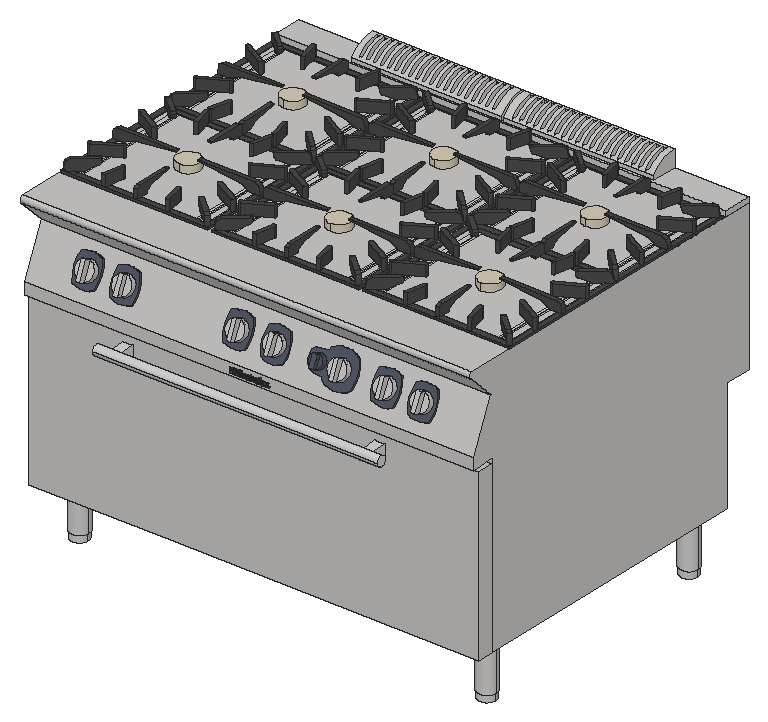
Revit family "QF_ELECTROLUXPROFESSIONAL_391015_E9GCGL6CL0", category Specialty Equipment, Revit 2018 (continued)
Automatic sketch dimensions
  Extrusion 7 sketch curve to Extrusion 7 sketch curve = 0.404 mm
  Extrusion 7 sketch curve to Extrusion 7 sketch curve = 5.898 mm
  plane 11 to Extrusion 7 sketch curve = 8.549 mm
  Extrusion 7 sketch curve to plane 11 = 30 mm
  Extrusion 7 sketch curve to plane 10 = 298.908 mm
  Extrusion 7 sketch curve to Extrusion 7 sketch curve = 3.343 mm
  Extrusion 7 sketch curve to Extrusion 7 sketch curve = 2.066 mm
  Extrusion 7 sketch curve to Extrusion 7 sketch curve = 5.312 mm
  Extrusion 7 sketch curve to Extrusion 7 sketch curve = 28.009 mm
  plane 11 to Extrusion 8 sketch curve = 22.852 mm
  Extrusion 8 sketch curve to Extrusion 8 sketch curve = 0 mm  (x2)
  Extrusion 8 sketch curve to Extrusion 8 sketch curve = 1.139 mm
  Extrusion 8 sketch curve to Extrusion 8 sketch curve = 3.102 mm
  Extrusion 8 sketch curve to Extrusion 8 sketch curve = 4.032 mm
  Extrusion 8 sketch curve to Extrusion 8 sketch curve = 0.404 mm
  Extrusion 8 sketch curve to Extrusion 8 sketch curve = 5.898 mm
  plane 11 to Extrusion 8 sketch curve = 8.549 mm
  Extrusion 8 sketch curve to plane 11 = 30 mm
  Extrusion 8 sketch curve to plane 10 = 270.899 mm
  Extrusion 8 sketch curve to Extrusion 8 sketch curve = 2.705 mm
  Extrusion 8 sketch curve to Extrusion 8 sketch curve = 5.987 mm
  Extrusion 8 sketch curve to Extrusion 8 sketch curve = 5.312 mm
  Extrusion 8 sketch curve to Extrusion 8 sketch curve = 28.009 mm
  plane 11 to Extrusion 9 sketch curve = 19.749 mm
  Extrusion 9 sketch curve to plane 10 = 279.591 mm
  Extrusion 10 sketch curve to plane 18 = 228.904 mm
  Extrusion 10 sketch curve to Extrusion 10 sketch curve = 0 mm
  Extrusion 10 sketch curve to Extrusion 10 sketch curve = 12.3 mm  (x3)
  Extrusion 10 sketch curve to Extrusion 10 sketch curve = 34.925 mm  (x2)
  Extrusion 10 sketch curve to Extrusion 10 sketch curve = 46.691 mm
  Extrusion 10 sketch curve to Extrusion 10 sketch curve = 0.617 mm
  Extrusion 10 sketch curve to Extrusion 10 sketch curve = 28.57 mm
  Extrusion 10 sketch curve to Extrusion 10 sketch curve = 29.185 mm
  Extrusion 12 sketch curve to Extrusion 12 sketch curve = 24.732 mm
  Extrusion 12 sketch curve to Extrusion 12 sketch curve = 0 mm
  Extrusion 13 sketch curve to Extrusion 13 sketch curve = 0 mm  (x2)
  plane 7 "Center Y" to Extrusion 13 sketch curve = 190.859 mm
  Extrusion 13 sketch curve to Extrusion 13 sketch curve = 112.63 mm
  Extrusion 13 sketch curve to Extrusion 13 sketch curve = 1.398 mm
  Extrusion 13 sketch curve to Extrusion 13 sketch curve = 5.918 mm
  Extrusion 13 sketch curve to Extrusion 13 sketch curve = 7.825 mm
  Extrusion 13 sketch curve to Extrusion 13 sketch curve = 12.433 mm
  Extrusion 13 sketch curve to Extrusion 13 sketch curve = 33.329 mm
  Extrusion 13 sketch curve to Extrusion 13 sketch curve = 28.808 mm
  Extrusion 13 sketch curve to Extrusion 13 sketch curve = 2.986 mm
  Extrusion 13 sketch curve to Extrusion 13 sketch curve = 35.441 mm
  Extrusion 13 sketch curve to Extrusion 13 sketch curve = 23.969 mm
  Extrusion 13 sketch curve to Extrusion 13 sketch curve = 31.993 mm
  Extrusion 13 sketch curve to Extrusion 13 sketch curve = 0.131 mm
  Extrusion 13 sketch curve to Extrusion 13 sketch curve = 36.738 mm
  Extrusion 13 sketch curve to Extrusion 13 sketch curve = 6.105 mm
  Extrusion 13 sketch curve to Extrusion 13 sketch curve = 30.968 mm
  Extrusion 13 sketch curve to Extrusion 13 sketch curve = 0.002 mm
  Extrusion 13 sketch curve to Extrusion 13 sketch curve = 38.412 mm
  Extrusion 13 sketch curve to Extrusion 13 sketch curve = 39.831 mm
  Extrusion 13 sketch curve to Extrusion 13 sketch curve = 6.427 mm
  Extrusion 13 sketch curve to Extrusion 13 sketch curve = 11.842 mm
  Extrusion 15 sketch curve to Extrusion 15 sketch curve = 24.732 mm
  Extrusion 15 sketch curve to Extrusion 15 sketch curve = 0 mm
  Extrusion 17 sketch curve to Extrusion 17 sketch curve = 0 mm
  Extrusion 17 sketch curve to Extrusion 17 sketch curve = 7.232 mm  (x3)
  Extrusion 17 sketch curve to Extrusion 17 sketch curve = 17.5 mm
  Extrusion 17 sketch curve to Extrusion 17 sketch curve = 5.786 mm
  Extrusion 18 sketch curve to plane 17 = 61.596 mm
  Extrusion 18 sketch curve to Extrusion 18 sketch curve = 0 mm
  Extrusion 18 sketch curve to Extrusion 18 sketch curve = 12.3 mm  (x3)
  Extrusion 18 sketch curve to Extrusion 18 sketch curve = 34.925 mm  (x2)
  Extrusion 18 sketch curve to plane 17 = 35.869 mm
  Extrusion 18 sketch curve to Extrusion 18 sketch curve = 46.691 mm
  Extrusion 18 sketch curve to Extrusion 18 sketch curve = 26.344 mm
  Extrusion 18 sketch curve to Extrusion 18 sketch curve = 28.57 mm
  Extrusion 20 sketch curve to Extrusion 20 sketch curve = 24.732 mm
  Extrusion 20 sketch curve to Extrusion 20 sketch curve = 0 mm
  Extrusion 21 sketch curve to plane 17 = 161.596 mm
  Extrusion 21 sketch curve to Extrusion 21 sketch curve = 0 mm
  Extrusion 21 sketch curve to Extrusion 21 sketch curve = 12.3 mm  (x3)
  Extrusion 21 sketch curve to Extrusion 21 sketch curve = 34.925 mm  (x2)
  Extrusion 21 sketch curve to Extrusion 21 sketch curve = 46.691 mm
  Extrusion 21 sketch curve to Extrusion 21 sketch curve = 0.617 mm
  Extrusion 21 sketch curve to Extrusion 21 sketch curve = 28.57 mm
  Extrusion 21 sketch curve to Extrusion 21 sketch curve = 29.185 mm
  Extrusion 23 sketch curve to Extrusion 23 sketch curve = 24.732 mm
  Extrusion 23 sketch curve to Extrusion 23 sketch curve = 0 mm
  Extrusion 24 sketch curve to plane 1 "BACK" = 0 mm
  Extrusion 24 sketch curve to plane 6 "TOP" = 0 mm
  plane 1 "BACK" to Extrusion 24 sketch curve = 1.769 mm
  plane 10 to Extrusion 24 sketch curve = 23.813 mm
  plane 1 "BACK" to Extrusion 24 sketch curve = 69.85 mm
  plane 10 to Extrusion 24 sketch curve = 14.288 mm
  Extrusion 25 sketch curve to plane 18 = 131.404 mm
  Extrusion 25 sketch curve to Extrusion 25 sketch curve = 0 mm
  Extrusion 25 sketch curve to Extrusion 25 sketch curve = 12.3 mm  (x3)
  Extrusion 25 sketch curve to Extrusion 25 sketch curve = 34.925 mm  (x2)
  Extrusion 25 sketch curve to Extrusion 25 sketch curve = 46.691 mm
  Extrusion 25 sketch curve to Extrusion 25 sketch curve = 0.617 mm
  Extrusion 25 sketch curve to Extrusion 25 sketch curve = 28.57 mm
  Extrusion 25 sketch curve to Extrusion 25 sketch curve = 29.185 mm
  Extrusion 27 sketch curve to Extrusion 27 sketch curve = 24.732 mm
  Extrusion 27 sketch curve to Extrusion 27 sketch curve = 0 mm
  Extrusion 28 sketch curve to plane 7 "Center Y" = 79.904 mm
  Extrusion 28 sketch curve to plane 7 "Center Y" = 21.528 mm
  Extrusion 28 sketch curve to Extrusion 28 sketch curve = 0 mm
  Extrusion 28 sketch curve to Extrusion 28 sketch curve = 12.3 mm  (x3)
  plane 7 "Center Y" to Extrusion 28 sketch curve = 3.586 mm
  Extrusion 28 sketch curve to Extrusion 28 sketch curve = 34.925 mm  (x2)
  Extrusion 28 sketch curve to Extrusion 28 sketch curve = 46.691 mm
  Extrusion 28 sketch curve to plane 7 "Center Y" = 22.141 mm
  Extrusion 30 sketch curve to Extrusion 30 sketch curve = 24.732 mm
  Extrusion 30 sketch curve to Extrusion 30 sketch curve = 0 mm
  plane 7 "Center Y" to Extrusion 31 sketch curve = 20.096 mm
  Extrusion 31 sketch curve to Extrusion 31 sketch curve = 0 mm
  Extrusion 31 sketch curve to Extrusion 31 sketch curve = 12.3 mm  (x3)
  Extrusion 31 sketch curve to Extrusion 31 sketch curve = 34.925 mm  (x2)
  Extrusion 31 sketch curve to plane 7 "Center Y" = 5.631 mm
  Extrusion 31 sketch curve to Extrusion 31 sketch curve = 46.691 mm
  plane 7 "Center Y" to Extrusion 31 sketch curve = 20.714 mm
  Extrusion 31 sketch curve to Extrusion 31 sketch curve = 25.114 mm
  Extrusion 33 sketch curve to Extrusion 33 sketch curve = 24.732 mm
  Extrusion 33 sketch curve to Extrusion 33 sketch curve = 0 mm
  plane 7 "Center Y" to Extrusion 34 sketch curve = 21.292 mm
  Extrusion 34 sketch curve to plane 10 = 237.967 mm
  Extrusion 34 sketch curve to plane 7 "Center Y" = 13.807 mm
  Extrusion 34 sketch curve to Extrusion 34 sketch curve = 5.041 mm
  plane 7 "Center Y" to Extrusion 34 sketch curve = 5.969 mm
  Extrusion 34 sketch curve to Extrusion 34 sketch curve = 5.06 mm
  Extrusion 34 sketch curve to Extrusion 34 sketch curve = 0 mm  (x27)
  Extrusion 34 sketch curve to Extrusion 34 sketch curve = 5.108 mm  (x2)
  Extrusion 34 sketch curve to Extrusion 34 sketch curve = 0.054 mm
  Extrusion 34 sketch curve to Extrusion 34 sketch curve = 0.218 mm
  Extrusion 34 sketch curve to Extrusion 34 sketch curve = 0.195 mm
  Extrusion 34 sketch curve to Extrusion 34 sketch curve = 0.249 mm
  Extrusion 34 sketch curve to Extrusion 34 sketch curve = 0.316 mm
  Extrusion 34 sketch curve to Extrusion 34 sketch curve = 0.087 mm
  Extrusion 34 sketch curve to Extrusion 34 sketch curve = 0.358 mm
  Extrusion 34 sketch curve to Extrusion 34 sketch curve = 0.481 mm
  Extrusion 34 sketch curve to Extrusion 34 sketch curve = 0.597 mm
  Extrusion 34 sketch curve to Extrusion 34 sketch curve = 0.544 mm
  Extrusion 34 sketch curve to Extrusion 34 sketch curve = 0.936 mm
  Extrusion 34 sketch curve to Extrusion 34 sketch curve = 0.594 mm
  Extrusion 34 sketch curve to Extrusion 34 sketch curve = 0.343 mm
  Extrusion 34 sketch curve to Extrusion 34 sketch curve = 0.159 mm
  Extrusion 34 sketch curve to Extrusion 34 sketch curve = 0.826 mm
  Extrusion 34 sketch curve to Extrusion 34 sketch curve = 0.839 mm
  Extrusion 34 sketch curve to Extrusion 34 sketch curve = 0.852 mm
  Extrusion 34 sketch curve to Extrusion 34 sketch curve = 0.887 mm
  Extrusion 34 sketch curve to Extrusion 34 sketch curve = 0.928 mm
  Extrusion 34 sketch curve to Extrusion 34 sketch curve = 0.938 mm
  Extrusion 34 sketch curve to Extrusion 34 sketch curve = 0.444 mm
  Extrusion 34 sketch curve to Extrusion 34 sketch curve = 1.11 mm  (x3)
  plane 7 "Center Y" to Extrusion 34 sketch curve = 43.726 mm
  Extrusion 34 sketch curve to Extrusion 34 sketch curve = 0.215 mm
  plane 7 "Center Y" to Extrusion 34 sketch curve = 0.332 mm
  Extrusion 34 sketch curve to Extrusion 34 sketch curve = 1.43 mm
  Extrusion 34 sketch curve to Extrusion 34 sketch curve = 1.188 mm
  Extrusion 34 sketch curve to Extrusion 34 sketch curve = 1.21 mm  (x2)
  Extrusion 34 sketch curve to Extrusion 34 sketch curve = 0.503 mm
  plane 7 "Center Y" to Extrusion 34 sketch curve = 48.995 mm
  Extrusion 34 sketch curve to Extrusion 34 sketch curve = 0.488 mm
  plane 7 "Center Y" to Extrusion 34 sketch curve = 52.922 mm
  Extrusion 34 sketch curve to Extrusion 34 sketch curve = 0.462 mm
  Extrusion 34 sketch curve to Extrusion 34 sketch curve = 1.386 mm
  Extrusion 34 sketch curve to Extrusion 34 sketch curve = 1.742 mm
  Extrusion 34 sketch curve to Extrusion 34 sketch curve = 0.821 mm
  Extrusion 34 sketch curve to Extrusion 34 sketch curve = 0.497 mm
  Extrusion 34 sketch curve to Extrusion 34 sketch curve = 0.539 mm
  Extrusion 34 sketch curve to Extrusion 34 sketch curve = 0.686 mm
  Extrusion 34 sketch curve to plane 7 "Center Y" = 0.042 mm
  Extrusion 34 sketch curve to Extrusion 34 sketch curve = 0.408 mm
  Extrusion 34 sketch curve to Extrusion 34 sketch curve = 0.743 mm
  Extrusion 34 sketch curve to Extrusion 34 sketch curve = 1.16 mm
  Extrusion 34 sketch curve to Extrusion 34 sketch curve = 0.329 mm
  Extrusion 34 sketch curve to Extrusion 34 sketch curve = 1.054 mm
  Extrusion 34 sketch curve to Extrusion 34 sketch curve = 1.056 mm
  Extrusion 34 sketch curve to Extrusion 34 sketch curve = 0.129 mm
  Extrusion 34 sketch curve to Extrusion 34 sketch curve = 0.489 mm
  Extrusion 34 sketch curve to plane 7 "Center Y" = 0.376 mm
  Extrusion 34 sketch curve to Extrusion 34 sketch curve = 0.441 mm
  Extrusion 34 sketch curve to Extrusion 34 sketch curve = 1.151 mm
  Extrusion 34 sketch curve to Extrusion 34 sketch curve = 1.141 mm  (x2)
  Extrusion 34 sketch curve to Extrusion 34 sketch curve = 0.768 mm
  Extrusion 34 sketch curve to Extrusion 34 sketch curve = 1.653 mm
  Extrusion 34 sketch curve to Extrusion 34 sketch curve = 0.499 mm
  Extrusion 34 sketch curve to Extrusion 34 sketch curve = 0.964 mm
  Extrusion 34 sketch curve to Extrusion 34 sketch curve = 0.949 mm
  Extrusion 34 sketch curve to Extrusion 34 sketch curve = 1.345 mm  (x3)
  Extrusion 34 sketch curve to Extrusion 34 sketch curve = 1.101 mm
  Extrusion 34 sketch curve to Extrusion 34 sketch curve = 0.432 mm
  Extrusion 34 sketch curve to Extrusion 34 sketch curve = 1.142 mm
  Extrusion 34 sketch curve to Extrusion 34 sketch curve = 0.959 mm
  Extrusion 34 sketch curve to Extrusion 34 sketch curve = 0.176 mm
  Extrusion 34 sketch curve to Extrusion 34 sketch curve = 0.728 mm
  Extrusion 34 sketch curve to Extrusion 34 sketch curve = 3.375 mm  (x2)
  Extrusion 34 sketch curve to Extrusion 34 sketch curve = 0.541 mm
  Extrusion 34 sketch curve to Extrusion 34 sketch curve = 0.955 mm
  Extrusion 34 sketch curve to Extrusion 34 sketch curve = 1.251 mm
  Extrusion 34 sketch curve to Extrusion 34 sketch curve = 0.572 mm
  plane 7 "Center Y" to Extrusion 34 sketch curve = 47.619 mm
  Extrusion 34 sketch curve to Extrusion 34 sketch curve = 1.92 mm
  Extrusion 34 sketch curve to Extrusion 34 sketch curve = 1.224 mm
  Extrusion 34 sketch curve to Extrusion 34 sketch curve = 0.745 mm
  Extrusion 34 sketch curve to Extrusion 34 sketch curve = 0.036 mm
  Extrusion 34 sketch curve to Extrusion 34 sketch curve = 0.896 mm  (x3)
  Extrusion 34 sketch curve to Extrusion 34 sketch curve = 2.607 mm
  Extrusion 34 sketch curve to Extrusion 34 sketch curve = 0.066 mm
  Extrusion 34 sketch curve to Extrusion 34 sketch curve = 0.248 mm
  Extrusion 34 sketch curve to Extrusion 34 sketch curve = 0.449 mm
  plane 7 "Center Y" to Extrusion 34 sketch curve = 46.838 mm
  Extrusion 34 sketch curve to Extrusion 34 sketch curve = 1.052 mm
  Extrusion 34 sketch curve to Extrusion 34 sketch curve = 1.863 mm
  Extrusion 34 sketch curve to Extrusion 34 sketch curve = 1.31 mm  (x2)
  Extrusion 34 sketch curve to Extrusion 34 sketch curve = 0.901 mm
  Extrusion 34 sketch curve to Extrusion 34 sketch curve = 1.107 mm
  Extrusion 34 sketch curve to Extrusion 34 sketch curve = 2.122 mm
  Extrusion 34 sketch curve to Extrusion 34 sketch curve = 2.101 mm
  Extrusion 34 sketch curve to Extrusion 34 sketch curve = 0.106 mm
  Extrusion 34 sketch curve to Extrusion 34 sketch curve = 0.029 mm
  plane 7 "Center Y" to Extrusion 34 sketch curve = 49.641 mm
  Extrusion 34 sketch curve to Extrusion 34 sketch curve = 2.09 mm
  Extrusion 34 sketch curve to Extrusion 34 sketch curve = 1.279 mm
  Extrusion 34 sketch curve to Extrusion 34 sketch curve = 2.008 mm
  Extrusion 34 sketch curve to Extrusion 34 sketch curve = 0.738 mm
  Extrusion 34 sketch curve to Extrusion 34 sketch curve = 0.382 mm
  Extrusion 34 sketch curve to Extrusion 34 sketch curve = 0.384 mm
  Extrusion 34 sketch curve to Extrusion 34 sketch curve = 0.002 mm
  Extrusion 34 sketch curve to Extrusion 34 sketch curve = 0.561 mm
  Extrusion 34 sketch curve to Extrusion 34 sketch curve = 0.592 mm
  Extrusion 34 sketch curve to Extrusion 34 sketch curve = 2.692 mm
  Extrusion 34 sketch curve to Extrusion 34 sketch curve = 1.259 mm
  plane 7 "Center Y" to Extrusion 34 sketch curve = 48.858 mm
  Extrusion 34 sketch curve to Extrusion 34 sketch curve = 0.802 mm
  Extrusion 34 sketch curve to Extrusion 34 sketch curve = 1.024 mm
  Extrusion 34 sketch curve to Extrusion 34 sketch curve = 0.682 mm
  Extrusion 34 sketch curve to Extrusion 34 sketch curve = 5.934 mm
  Extrusion 34 sketch curve to Extrusion 34 sketch curve = 2.186 mm
  Extrusion 34 sketch curve to Extrusion 34 sketch curve = 0.337 mm
  Extrusion 34 sketch curve to Extrusion 34 sketch curve = 0.021 mm
  Extrusion 34 sketch curve to Extrusion 34 sketch curve = 1.005 mm
  Extrusion 34 sketch curve to Extrusion 34 sketch curve = 0.552 mm
  Extrusion 34 sketch curve to Extrusion 34 sketch curve = 0.778 mm
  Extrusion 34 sketch curve to Extrusion 34 sketch curve = 0.063 mm
  Extrusion 34 sketch curve to Extrusion 34 sketch curve = 1.023 mm
  Extrusion 34 sketch curve to Extrusion 34 sketch curve = 3.804 mm
  Extrusion 34 sketch curve to Extrusion 34 sketch curve = 0.486 mm
  Extrusion 34 sketch curve to Extrusion 34 sketch curve = 0.266 mm
  Extrusion 34 sketch curve to plane 7 "Center Y" = 0.787 mm
  Extrusion 34 sketch curve to Extrusion 34 sketch curve = 1.547 mm
  Extrusion 34 sketch curve to Extrusion 34 sketch curve = 0.717 mm  (x2)
  Extrusion 34 sketch curve to Extrusion 34 sketch curve = 1.667 mm
  plane 7 "Center Y" to Extrusion 34 sketch curve = 44.532 mm
  Extrusion 34 sketch curve to Extrusion 34 sketch curve = 3.174 mm
  plane 7 "Center Y" to Extrusion 34 sketch curve = 0.368 mm
  Extrusion 34 sketch curve to Extrusion 34 sketch curve = 0.388 mm
  Extrusion 34 sketch curve to Extrusion 34 sketch curve = 1.342 mm
  plane 7 "Center Y" to Extrusion 34 sketch curve = 50.135 mm
  Extrusion 34 sketch curve to Extrusion 34 sketch curve = 1.521 mm
  plane 7 "Center Y" to Extrusion 34 sketch curve = 51.694 mm
  Extrusion 34 sketch curve to Extrusion 34 sketch curve = 0.124 mm
  Extrusion 34 sketch curve to Extrusion 34 sketch curve = 0.291 mm
  plane 7 "Center Y" to Extrusion 34 sketch curve = 7.285 mm
  Extrusion 34 sketch curve to Extrusion 34 sketch curve = 1.049 mm  (x2)
  plane 7 "Center Y" to Extrusion 34 sketch curve = 47.668 mm
  Extrusion 34 sketch curve to Extrusion 34 sketch curve = 1.7 mm
  Extrusion 34 sketch curve to Extrusion 34 sketch curve = 0.894 mm
  Extrusion 34 sketch curve to Extrusion 34 sketch curve = 0.989 mm
  Extrusion 34 sketch curve to Extrusion 34 sketch curve = 1.168 mm
  Extrusion 34 sketch curve to Extrusion 34 sketch curve = 1.594 mm
  Extrusion 34 sketch curve to Extrusion 34 sketch curve = 0.731 mm
  Extrusion 34 sketch curve to Extrusion 34 sketch curve = 1.566 mm
  Extrusion 34 sketch curve to Extrusion 34 sketch curve = 0.064 mm
  plane 7 "Center Y" to Extrusion 34 sketch curve = 7.842 mm
  Extrusion 34 sketch curve to Extrusion 34 sketch curve = 0.556 mm
  Extrusion 34 sketch curve to Extrusion 34 sketch curve = 0.48 mm
  Extrusion 34 sketch curve to Extrusion 34 sketch curve = 0.228 mm
  Extrusion 34 sketch curve to Extrusion 34 sketch curve = 1.018 mm
  plane 7 "Center Y" to Extrusion 34 sketch curve = 37.429 mm
  Extrusion 34 sketch curve to Extrusion 34 sketch curve = 0.787 mm
  Extrusion 34 sketch curve to Extrusion 34 sketch curve = 0.618 mm
  plane 7 "Center Y" to Extrusion 34 sketch curve = 42.486 mm
  Extrusion 34 sketch curve to Extrusion 34 sketch curve = 1.672 mm
  plane 7 "Center Y" to Extrusion 34 sketch curve = 53.436 mm
  Extrusion 34 sketch curve to Extrusion 34 sketch curve = 1.361 mm
  Extrusion 34 sketch curve to Extrusion 34 sketch curve = 0.822 mm
  Extrusion 34 sketch curve to Extrusion 34 sketch curve = 0.069 mm
  Extrusion 34 sketch curve to Extrusion 34 sketch curve = 1.88 mm
  plane 7 "Center Y" to Extrusion 34 sketch curve = 35.269 mm
  Extrusion 34 sketch curve to Extrusion 34 sketch curve = 0.42 mm
  Extrusion 34 sketch curve to Extrusion 34 sketch curve = 0.062 mm
  Extrusion 34 sketch curve to Extrusion 34 sketch curve = 1.355 mm
  Extrusion 34 sketch curve to Extrusion 34 sketch curve = 2.34 mm
  Extrusion 34 sketch curve to Extrusion 34 sketch curve = 0.493 mm
  Extrusion 34 sketch curve to Extrusion 34 sketch curve = 0.136 mm
  Extrusion 34 sketch curve to Extrusion 34 sketch curve = 0.128 mm
  Extrusion 34 sketch curve to Extrusion 34 sketch curve = 3.616 mm
  Extrusion 34 sketch curve to Extrusion 34 sketch curve = 4.207 mm
  Extrusion 34 sketch curve to Extrusion 34 sketch curve = 0.183 mm
  Extrusion 34 sketch curve to Extrusion 34 sketch curve = 0.895 mm
  Extrusion 34 sketch curve to Extrusion 34 sketch curve = 1.314 mm
  Extrusion 34 sketch curve to Extrusion 34 sketch curve = 3.231 mm
  Extrusion 34 sketch curve to plane 7 "Center Y" = 23.526 mm
  Extrusion 34 sketch curve to Extrusion 34 sketch curve = 1.299 mm
  Extrusion 34 sketch curve to Extrusion 34 sketch curve = 1.214 mm
  plane 7 "Center Y" to Extrusion 34 sketch curve = 26.369 mm
  Extrusion 34 sketch curve to Extrusion 34 sketch curve = 1.264 mm
  Extrusion 34 sketch curve to Extrusion 34 sketch curve = 0.109 mm
  Extrusion 34 sketch curve to Extrusion 34 sketch curve = 0.357 mm
  Extrusion 34 sketch curve to Extrusion 34 sketch curve = 0.565 mm
  Extrusion 34 sketch curve to Extrusion 34 sketch curve = 2.504 mm
  Extrusion 34 sketch curve to Extrusion 34 sketch curve = 2.459 mm
  Extrusion 34 sketch curve to Extrusion 34 sketch curve = 0.983 mm
  Extrusion 34 sketch curve to Extrusion 34 sketch curve = 0.422 mm  (x2)
  Extrusion 34 sketch curve to Extrusion 34 sketch curve = 1.268 mm
  Extrusion 34 sketch curve to Extrusion 34 sketch curve = 0.671 mm
  Extrusion 34 sketch curve to Extrusion 34 sketch curve = 1.634 mm
  Extrusion 34 sketch curve to Extrusion 34 sketch curve = 0.132 mm
  Extrusion 34 sketch curve to Extrusion 34 sketch curve = 0.586 mm
  Extrusion 34 sketch curve to Extrusion 34 sketch curve = 1.241 mm
  Extrusion 34 sketch curve to Extrusion 34 sketch curve = 1.689 mm
  Extrusion 34 sketch curve to Extrusion 34 sketch curve = 0.627 mm
  Extrusion 34 sketch curve to Extrusion 34 sketch curve = 0.419 mm
  Extrusion 34 sketch curve to Extrusion 34 sketch curve = 1.514 mm
  Extrusion 34 sketch curve to Extrusion 34 sketch curve = 1.019 mm
  Extrusion 34 sketch curve to Extrusion 34 sketch curve = 0.065 mm
  Extrusion 34 sketch curve to Extrusion 34 sketch curve = 1.215 mm
  Extrusion 34 sketch curve to Extrusion 34 sketch curve = 1.122 mm
  Extrusion 34 sketch curve to Extrusion 34 sketch curve = 1.153 mm
  Extrusion 34 sketch curve to Extrusion 34 sketch curve = 1.223 mm
  Extrusion 34 sketch curve to Extrusion 34 sketch curve = 0.934 mm
  Extrusion 34 sketch curve to Extrusion 34 sketch curve = 3.376 mm
  Extrusion 34 sketch curve to Extrusion 34 sketch curve = 0.222 mm
  Extrusion 34 sketch curve to Extrusion 34 sketch curve = 1.383 mm
  Extrusion 34 sketch curve to Extrusion 34 sketch curve = 1.556 mm
  Extrusion 34 sketch curve to Extrusion 34 sketch curve = 2.559 mm
  Extrusion 34 sketch curve to Extrusion 34 sketch curve = 2.51 mm
  Extrusion 34 sketch curve to Extrusion 34 sketch curve = 0.131 mm
  Extrusion 34 sketch curve to Extrusion 34 sketch curve = 1.134 mm
  Extrusion 34 sketch curve to Extrusion 34 sketch curve = 0.094 mm
  Extrusion 34 sketch curve to Extrusion 34 sketch curve = 1.584 mm
  Extrusion 34 sketch curve to Extrusion 34 sketch curve = 0.27 mm
  Extrusion 34 sketch curve to Extrusion 34 sketch curve = 0.916 mm
  Extrusion 34 sketch curve to Extrusion 34 sketch curve = 0.352 mm
  Extrusion 34 sketch curve to Extrusion 34 sketch curve = 0.458 mm
  Extrusion 34 sketch curve to Extrusion 34 sketch curve = 1.282 mm
  Extrusion 34 sketch curve to Extrusion 34 sketch curve = 1.363 mm
  Extrusion 34 sketch curve to Extrusion 34 sketch curve = 0.685 mm
  Extrusion 34 sketch curve to Extrusion 34 sketch curve = 0.905 mm
  Extrusion 34 sketch curve to Extrusion 34 sketch curve = 1.477 mm
  Extrusion 34 sketch curve to Extrusion 34 sketch curve = 0.472 mm
  Extrusion 34 sketch curve to Extrusion 34 sketch curve = 0.101 mm
  Extrusion 34 sketch curve to Extrusion 34 sketch curve = 0.54 mm
  Extrusion 34 sketch curve to Extrusion 34 sketch curve = 0.02 mm
  Extrusion 34 sketch curve to Extrusion 34 sketch curve = 0.829 mm
  Extrusion 34 sketch curve to Extrusion 34 sketch curve = 0.582 mm
  Extrusion 34 sketch curve to Extrusion 34 sketch curve = 0.166 mm
  Extrusion 34 sketch curve to Extrusion 34 sketch curve = 0.16 mm
  Extrusion 34 sketch curve to Extrusion 34 sketch curve = 1.118 mm
  Extrusion 34 sketch curve to Extrusion 34 sketch curve = 0.613 mm
  Extrusion 34 sketch curve to Extrusion 34 sketch curve = 0.781 mm
  Extrusion 34 sketch curve to Extrusion 34 sketch curve = 0.361 mm
  Extrusion 34 sketch curve to Extrusion 34 sketch curve = 0.897 mm
  Extrusion 34 sketch curve to Extrusion 34 sketch curve = 0.167 mm
  Extrusion 34 sketch curve to Extrusion 34 sketch curve = 0.292 mm
  Extrusion 34 sketch curve to Extrusion 34 sketch curve = 0.305 mm
  Extrusion 34 sketch curve to Extrusion 34 sketch curve = 1.557 mm
  Extrusion 34 sketch curve to Extrusion 34 sketch curve = 2.499 mm
  Extrusion 34 sketch curve to Extrusion 34 sketch curve = 3.062 mm
  Extrusion 34 sketch curve to Extrusion 34 sketch curve = 2.968 mm
  Extrusion 34 sketch curve to Extrusion 34 sketch curve = 5.044 mm
  Extrusion 34 sketch curve to Extrusion 34 sketch curve = 0.629 mm  (x2)
  Extrusion 34 sketch curve to Extrusion 34 sketch curve = 1.131 mm
  Extrusion 34 sketch curve to Extrusion 34 sketch curve = 0.137 mm
  Extrusion 34 sketch curve to Extrusion 34 sketch curve = 0.027 mm
  Extrusion 34 sketch curve to Extrusion 34 sketch curve = 2.046 mm
  Extrusion 34 sketch curve to Extrusion 34 sketch curve = 2.235 mm
  Revolve 35 sketch curve to plane 9 "Base" = 0 mm  (x2)
  Revolve 35 sketch curve to level = 0 mm
  Revolve 35 sketch curve to plane 18 = 0 mm  (x2)
  Revolve 35 sketch curve to Revolve 35 sketch curve = 22.9 mm
  Revolve 35 sketch curve to Revolve 35 sketch curve = 2.5 mm
  plane 9 "Base" to Revolve 35 sketch curve = 20 mm
  level to Revolve 35 sketch curve = 19.05 mm
  Revolve 36 sketch curve to plane 9 "Base" = 0 mm  (x2)
  Revolve 36 sketch curve to level = 0 mm
  Revolve 36 sketch curve to plane 18 = 0 mm  (x2)
  Revolve 36 sketch curve to Revolve 36 sketch curve = 22.9 mm
  Revolve 36 sketch curve to Revolve 36 sketch curve = 2.5 mm
  plane 9 "Base" to Revolve 36 sketch curve = 20 mm
  level to Revolve 36 sketch curve = 19.05 mm
  Extrusion 37 sketch curve to Extrusion 1 = 43 mm
  Extrusion 37 sketch curve to Extrusion 1 = 276.222 mm
  plane 1 "BACK" to Extrusion 38 sketch curve = 63.911 mm  (x2)
  Extrusion 38 sketch curve to plane 18 = 156.447 mm
  Extrusion 38 sketch curve to Extrusion 38 sketch curve = 9.296 mm  (x20)
  Extrusion 38 sketch curve to Extrusion 38 sketch curve = 9.397 mm  (x19)
  Extrusion 38 sketch curve to Extrusion 38 sketch curve = 0 mm  (x18)
  plane 1 "BACK" to Extrusion 38 sketch curve = 6.761 mm  (x20)
  Revolve 39 sketch curve to plane 9 "Base" = 0 mm  (x2)
  Revolve 39 sketch curve to level = 0 mm
  plane 17 to Revolve 39 sketch curve = 0 mm  (x2)
  plane 17 to Revolve 39 sketch curve = 22.9 mm
  Revolve 39 sketch curve to Revolve 39 sketch curve = 2.5 mm
  level to Revolve 39 sketch curve = 19.05 mm
  plane 9 "Base" to Revolve 39 sketch curve = 20 mm
  Revolve 40 sketch curve to plane 9 "Base" = 0 mm  (x2)
  Revolve 40 sketch curve to level = 0 mm
  plane 17 to Revolve 40 sketch curve = 0 mm  (x2)
  plane 17 to Revolve 40 sketch curve = 22.9 mm
  Revolve 40 sketch curve to Revolve 40 sketch curve = 2.5 mm
  level to Revolve 40 sketch curve = 19.05 mm
  plane 9 "Base" to Revolve 40 sketch curve = 20 mm
  Extrusion 41 sketch curve to plane 1 "BACK" = 0 mm
  Extrusion 41 sketch curve to plane 6 "TOP" = 0 mm
  plane 1 "BACK" to Extrusion 41 sketch curve = 1.769 mm
  plane 10 to Extrusion 41 sketch curve = 23.813 mm
  plane 1 "BACK" to Extrusion 41 sketch curve = 69.85 mm
  plane 10 to Extrusion 41 sketch curve = 14.288 mm
  plane 1 "BACK" to Extrusion 42 sketch curve = 63.911 mm  (x2)
  Extrusion 42 sketch curve to plane 17 = 156.447 mm
  Extrusion 42 sketch curve to Extrusion 42 sketch curve = 9.296 mm  (x20)
  Extrusion 42 sketch curve to Extrusion 42 sketch curve = 9.397 mm  (x19)
  Extrusion 42 sketch curve to Extrusion 42 sketch curve = 0 mm  (x18)
  plane 1 "BACK" to Extrusion 42 sketch curve = 6.761 mm  (x20)
  radius of Extrusion 4 sketch curve = 6.4 mm
  radius of Extrusion 9 sketch curve = 12.7 mm
  radius of Extrusion 11 sketch curve = 25.4 mm
  radius of Extrusion 12 sketch curve to Extrusion 11 = 0 mm  (x2)
  radius of Extrusion 14 sketch curve = 25.4 mm
  radius of Extrusion 15 sketch curve to Extrusion 14 = 0 mm  (x2)
  radius of Extrusion 16 sketch curve = 18.37 mm
  radius of Extrusion 19 sketch curve = 25.4 mm
  radius of Extrusion 20 sketch curve to Extrusion 19 = 0 mm  (x2)
  radius of Extrusion 22 sketch curve = 25.4 mm
  radius of Extrusion 23 sketch curve to Extrusion 22 = 0 mm  (x2)
  radius of Extrusion 26 sketch curve = 25.4 mm
  radius of Extrusion 27 sketch curve to Extrusion 26 = 0 mm  (x2)
  radius of Extrusion 29 sketch curve = 25.4 mm
  radius of Extrusion 30 sketch curve to Extrusion 29 = 0 mm  (x2)
  radius of Extrusion 32 sketch curve = 25.4 mm
  radius of Extrusion 33 sketch curve to Extrusion 32 = 0 mm  (x2)
  radius of Extrusion 37 sketch curve = 12.7 mm
Nested families
  nested 1: "371009_BURNER" at (0, -440.6, 0), type "371009_BURNER"
    with Type Mark "", Status "", Specification by User "", Revision Code "", Item Number "", Installed By "", Identify Quantity as Lot yes, Furnished By "", Foodservice Equipment Identifier yes
  nested 2: "371009_BURNER" at (403.15, -440.6, 0), type "371009_BURNER"
    with Type Mark "", Status "", Specification by User "", Revision Code "", Item Number "", Installed By "", Identify Quantity as Lot yes, Furnished By "", Foodservice Equipment Identifier yes
  nested 3: "371009_BURNER" at (1200, -440.6, 0) x (-1, 0, 0) z (0, 0, 1), type "371009_BURNER"
    with Type Mark "", Status "", Specification by User "", Revision Code "", Item Number "", Installed By "", Identify Quantity as Lot yes, Furnished By "", Foodservice Equipment Identifier yes
  nested 4: "371009_BURNER" at (0, -440.6, 0), type "371009_BURNER"
    with Type Mark "", Status "", Specification by User "", Revision Code "", Item Number "", Installed By "", Identify Quantity as Lot yes, Furnished By "", Foodservice Equipment Identifier yes
  nested 5: "371009_BURNER" at (403.15, -440.6, 0), type "371009_BURNER"
    with Type Mark "", Status "", Specification by User "", Revision Code "", Item Number "", Installed By "", Identify Quantity as Lot yes, Furnished By "", Foodservice Equipment Identifier yes
  nested 6: "371009_BURNER" at (1200, -440.6, 0) x (-1, 0, 0) z (0, 0, 1), type "371009_BURNER"
    with Type Mark "", Status "", Specification by User "", Revision Code "", Item Number "", Installed By "", Identify Quantity as Lot yes, Furnished By "", Foodservice Equipment Identifier yes
Connectors
  piping at (1148, -666, 129), diameter 12.8
    settings: on Extrusion 4, index 1, connector inside diameter 0.50394", connector length 0 mm, flow factor 0, pipe flow 0 GPM, pressure drop 0.00 psi, fitting loss kfactor 0, connector angle 0.00°, fixture units 0, engagement length 0 mm, angle of deflection 0.00°, flow configuration 1, flow direction 1, fitting loss method 0, system type 16, joint type 0, gender type 0, connector reference index -1, connector utility 0, adjustable connector no, is connector primary yes, connector description "GAS CONNECTION"
Definition of nested family "371009_BURNER"
  Parameters
    Weight in Pounds = 0
    URL Cutsheet = ""
    URL = "www.electrolux.com"
    Type Mark [instance] = ""
    Status [instance] = ""
    Specification by User [instance] = ""
    Specification by Manufacturer = ""
    Show Clearance [instance] = yes
    Serial Number = ""
    Seismic Rating = ""
    SMACNA No = ""
    Revision Code [instance] = ""
    Omniclass Number and Title = ""
    NAFEM Spec ID Number = ""
    Model = "371009"
    Masterspec = ""
    Manufacturer = "ELECTROLUX"
    Item Number [instance] = ""
    Installed By [instance] = ""
    Identify Quantity as Lot [instance] = yes
    Furnished By [instance] = ""
    Foodservice Equipment Identifier [instance] = yes
    Description = ""
    CSI MasterFormat = ""
    CSI Master Format = ""
  Reference planes
    plane 1 "BACK": y = 0
    plane 2: z = 0
    plane 3 "LEFT": x = 0
    plane 4 "RIGHT": x = 393.7
    plane 5 "FRONT": y = -355.6
    plane 6 "TOP": z = 908.85
    plane 7 "Center Y": x = 196.85
    plane 8 "Center X": y = -177.8
    plane 9 "Base": z = 150
    plane 10: z = 850.85
  Forms (mm)
    Extrusion 1, solid
      sketch origin (-6.433, -404.961, 5) x (1, 0, 0) y (0, 0, -1)
        loop
          arc (7.142, -850.85) -> (6.739, -862.989) -> (9.761, -874.752) r 42.809
          line (9.761, -874.752) -> (19.961, -879.425) -> (173.122, -879.425)
          arc (173.122, -879.425) -> (174.316, -878.312) -> (173.289, -877.043) r 1.197
          line (173.289, -877.043) -> (64.848, -864.021)
          arc (64.848, -864.021) -> (50.111, -858.738) -> (36.589, -850.85) r 85.245
          line (36.589, -850.85) -> (7.142, -850.85)
        loop
          line (399.424, -850.85) -> (369.977, -850.85)
          arc (369.977, -850.85) -> (356.455, -858.738) -> (341.718, -864.021) r 85.245
          line (341.718, -864.021) -> (233.277, -877.043)
          arc (233.277, -877.043) -> (232.25, -878.312) -> (233.444, -879.425) r 1.197
          line (233.444, -879.425) -> (386.605, -879.425) -> (396.806, -874.752)
          arc (396.806, -874.752) -> (399.827, -862.989) -> (399.424, -850.85) r 42.809
      from 224.564 to 234.564
    Extrusion 2, solid
      sketch origin (196.85, 175.397, 1219.2) x (0, 1, 0) y (0, 0, 1)
        loop
          line (-204.463, -363.35) -> (-175.397, -363.35) -> (-175.397, -339.506)
          arc (-175.397, -339.506) -> (-181.025, -338.266) -> (-185.611, -334.775) r 13.39
          line (-185.611, -334.775) -> (-278.903, -334.775)
          arc (-278.903, -334.775) -> (-280.097, -335.888) -> (-279.07, -337.157) r 1.197
          line (-279.07, -337.157) -> (-227.151, -347.464)
          arc (-227.151, -347.464) -> (-213.741, -352.457) -> (-204.463, -363.35) r 28.426
        loop
          arc (-496.332, -363.35) -> (-487.053, -352.457) -> (-473.644, -347.464) r 28.426
          line (-473.644, -347.464) -> (-421.725, -337.157)
          arc (-421.725, -337.157) -> (-420.697, -335.888) -> (-421.891, -334.775) r 1.197
          line (-421.891, -334.775) -> (-515.184, -334.775)
          arc (-515.184, -334.775) -> (-519.769, -338.266) -> (-525.397, -339.506) r 13.39
          line (-525.397, -339.506) -> (-525.397, -363.35) -> (-496.332, -363.35)
      from -5 to 5
    Extrusion 3, solid
      sketch origin (-6.433, 367.064, 850.85) x (0, -1, 0) y (1, 0, 0)
        loop
          line (722.664, 6.433) -> (722.664, 400.133) -> (367.064, 400.133) -> (367.064, 6.433) -> (722.664, 6.433)
        loop
          line (382.064, 21.433) -> (707.664, 21.433) -> (707.664, 385.133) -> (382.064, 385.133) -> (382.064, 21.433)
      from 0 to 5
    Extrusion 4, solid
      sketch origin (-18.933, 367.064, 855.85) x (0, -1, 0) y (1, 0, 0)
        loop
          circle (541.667, 215.783) r 30
      from -1.321 to 17.134
    Extrusion 5, solid
      sketch origin (-6.433, -367.064, 0) x (1, 0, 0) y (0, 0, -1)
        loop
          line (21.433, -855.85) -> (36.589, -855.85)
          arc (36.589, -855.85) -> (40.561, -855.243) -> (44.305, -853.783) r 18.259
          arc (44.305, -853.783) -> (45.997, -853.366) -> (47.69, -853.783) r 3.649
          arc (47.69, -853.783) -> (49.901, -854.522) -> (52.232, -854.529) r 7.328
          line (52.232, -854.529) -> (354.334, -854.529)
          arc (354.334, -854.529) -> (356.666, -854.522) -> (358.877, -853.783) r 7.328
          arc (358.877, -853.783) -> (360.569, -853.366) -> (362.261, -853.783) r 3.649
          arc (362.261, -853.783) -> (366.005, -855.243) -> (369.977, -855.85) r 18.259
          line (369.977, -855.85) -> (385.133, -855.85) -> (385.133, -850.85) -> (21.433, -850.85) -> (21.433, -855.85)
      from 26.464 to 352.064
    Extrusion 6, solid
      sketch origin (83.284, -458.334, 5) x (0.742103, 0.670286, 0) y (0, 0, -1)
        loop
          arc (88.629, -864.012) -> (73.909, -858.731) -> (60.402, -850.85) r 85.245
          line (60.402, -850.85) -> (14.993, -850.85)
          arc (14.993, -850.85) -> (14.642, -862.948) -> (17.686, -874.663) r 42.876
          line (17.686, -874.663) -> (27.899, -879.425) -> (89.664, -879.425)
          arc (89.664, -879.425) -> (92.39, -878.352) -> (93.654, -875.709) r 4
          arc (93.654, -875.709) -> (92.562, -869.25) -> (88.629, -864.012) r 13.87
        loop
          arc (457.638, -864.012) -> (453.704, -869.25) -> (452.613, -875.709) r 13.87
          arc (452.613, -875.709) -> (453.876, -878.352) -> (456.603, -879.425) r 4
          line (456.603, -879.425) -> (518.367, -879.425) -> (528.581, -874.663)
          arc (528.581, -874.663) -> (531.624, -862.948) -> (531.273, -850.85) r 42.876
          line (531.273, -850.85) -> (485.865, -850.85)
          arc (485.865, -850.85) -> (472.357, -858.731) -> (457.638, -864.012) r 85.245
      from 127.064 to 137.064
    Extrusion 7, solid
      sketch origin (310.416, -458.334, 5) x (-0.742103, 0.670286, 0) y (0, 0, 1)
        loop
          arc (88.629, 864.012) -> (92.562, 869.25) -> (93.654, 875.709) r 13.87
          arc (93.654, 875.709) -> (92.39, 878.352) -> (89.664, 879.425) r 4
          line (89.664, 879.425) -> (27.899, 879.425) -> (17.686, 874.663)
          arc (17.686, 874.663) -> (14.642, 862.948) -> (14.993, 850.85) r 42.876
          line (14.993, 850.85) -> (60.402, 850.85)
          arc (60.402, 850.85) -> (73.909, 858.731) -> (88.629, 864.012) r 85.245
        loop
          arc (457.638, 864.012) -> (472.357, 858.731) -> (485.865, 850.85) r 85.245
          line (485.865, 850.85) -> (531.273, 850.85)
          arc (531.273, 850.85) -> (531.624, 862.948) -> (528.581, 874.663) r 42.876
          line (528.581, 874.663) -> (518.367, 879.425) -> (456.603, 879.425)
          arc (456.603, 879.425) -> (453.876, 878.352) -> (452.613, 875.709) r 4
          arc (452.613, 875.709) -> (453.704, 869.25) -> (457.638, 864.012) r 13.87
      from 127.064 to 137.064
    Extrusion 8, solid
      sketch origin (-6.433, 367.064, 855.85) x (0, -1, 0) y (1, 0, 0)
        loop
          arc (626.166, 9.428) -> (632.956, 7.454) -> (634.93, 14.244) r 5
          line (634.93, 14.244) -> (600.514, 76.878)
          arc (600.514, 76.878) -> (593.724, 78.852) -> (591.75, 72.062) r 5
          line (591.75, 72.062) -> (626.166, 9.428)
        loop
          line (463.562, 9.428) -> (497.977, 72.062)
          arc (497.977, 72.062) -> (496.003, 78.852) -> (489.213, 76.878) r 5
          line (489.213, 76.878) -> (454.798, 14.244)
          arc (454.798, 14.244) -> (456.772, 7.454) -> (463.562, 9.428) r 5
        loop
          line (626.166, 397.138) -> (591.75, 334.504)
          arc (591.75, 334.504) -> (593.724, 327.714) -> (600.514, 329.689) r 5
          line (600.514, 329.689) -> (634.93, 392.323)
          arc (634.93, 392.323) -> (632.956, 399.113) -> (626.166, 397.138) r 5
        loop
          arc (463.562, 397.138) -> (456.772, 399.113) -> (454.798, 392.323) r 5
          line (454.798, 392.323) -> (489.213, 329.689)
          arc (489.213, 329.689) -> (496.003, 327.714) -> (497.977, 334.504) r 5
          line (497.977, 334.504) -> (463.562, 397.138)
        loop
          line (715.14, 293.499) -> (666.703, 282.317)
          arc (666.703, 282.317) -> (662.956, 276.32) -> (668.953, 272.573) r 5
          line (668.953, 272.573) -> (717.389, 283.756)
          arc (717.389, 283.756) -> (721.136, 289.752) -> (715.14, 293.499) r 5
        loop
          arc (715.14, 113.067) -> (721.136, 116.814) -> (717.389, 122.811) r 5
          line (717.389, 122.811) -> (668.953, 133.993)
          arc (668.953, 133.993) -> (662.956, 130.246) -> (666.703, 124.249) r 5
          line (666.703, 124.249) -> (715.14, 113.067)
        loop
          arc (374.588, 293.499) -> (368.591, 289.752) -> (372.338, 283.756) r 5
          line (372.338, 283.756) -> (420.775, 272.573)
          arc (420.775, 272.573) -> (426.771, 276.32) -> (423.024, 282.317) r 5
          line (423.024, 282.317) -> (374.588, 293.499)
        loop
          line (374.588, 113.067) -> (423.024, 124.249)
          arc (423.024, 124.249) -> (426.771, 130.246) -> (420.775, 133.993) r 5
          line (420.775, 133.993) -> (372.338, 122.811)
          arc (372.338, 122.811) -> (368.591, 116.814) -> (374.588, 113.067) r 5
      from 0 to 28.575
  Lines and regions (mm)
    symbolic lines
      curve 1: line (0, -355.6, 150) -> (393.7, -355.6, 150)
      curve 2: line (0, 0, 150) -> (0, -355.6, 150)
      curve 3: line (393.7, -355.6, 150) -> (393.7, 0, 150)
      curve 4: line (369.633, -15, 150) -> (285.34, -15, 150)
      curve 5: line (24.067, -340.6, 150) -> (108.36, -340.6, 150)
      curve 6: line (157.475, -170.397, 150) -> (157.475, -15, 150)
      curve 7: line (236.225, -170.397, 150) -> (236.225, -15, 150)
      curve 8: line (201.85, -350, 150) -> (201.85, -176.674, 150)
      curve 9: line (0, -180.397, 150) -> (167.224, -180.397, 150)
      curve 10: line (393.7, -170.397, 150) -> (228.275, -170.397, 150)
      curve 11: line (15, -180.397, 150) -> (15, -252.506, 150)
      curve 12: line (45.799, -340.6, 150) -> (45.799, -320.971, 150)
      curve 13: line (167.224, -170.397, 150) -> (0, -170.397, 150)
      curve 14: line (228.275, -180.504, 150) -> (393.7, -180.504, 150)
      curve 15: arc (228.275, -170.397, 150) -> (223.221, -175.45, 150) -> (228.275, -180.504, 150) r 5.054
      curve 16: arc (167.224, -170.397, 150) -> (172.224, -175.397, 150) -> (167.224, -180.397, 150) r 5
      curve 17: line (191.85, -176.674, 150) -> (191.85, -350, 150)
      curve 18: line (201.85, -134.556, 150) -> (201.85, -0.794, 150)
      curve 19: arc (201.85, -176.674, 150) -> (196.85, -171.674, 150) -> (191.85, -176.674, 150) r 5
      curve 20: arc (201.85, -134.556, 150) -> (196.85, -139.556, 150) -> (191.85, -134.556, 150) r 5
      curve 21: line (191.85, -15, 150) -> (118.623, -15, 150)
      curve 22: arc (201.85, -29.042, 150) -> (213.272, -50.008, 150) -> (201.85, -70.973, 150) r 24.953
      curve 23: arc (213.086, -53.048, 150) -> (214.5, -50.008, 150) -> (213.086, -46.967, 150) r 3.975
      curve 24: arc (191.85, -29.852, 150) -> (181.339, -50.008, 150) -> (191.85, -70.163, 150) r 24.58
      curve 25: arc (181.527, -53.042, 150) -> (179.976, -50.008, 150) -> (181.527, -46.973, 150) r 3.745
      curve 26: line (191.85, -0.794, 150) -> (191.85, -134.556, 150)
      curve 27: line (191.85, -350, 150) -> (201.85, -350, 150)
      curve 28: line (191.85, -11.007, 150) -> (201.85, -11.007, 150)
      curve 29: line (191.85, -0.794, 150) -> (201.85, -0.794, 150)
      curve 30: line (201.85, -340.6, 150) -> (275.077, -340.6, 150)
      curve 31: arc (196.85, -145.397, 0) -> (166.955, -172.888, 0) -> (191.85, -204.977, 0) r 30
      curve 32: arc (201.85, -204.977, 0) -> (226.745, -172.888, 0) -> (196.85, -145.397, 0) r 30
      curve 33: arc (158.678, -180.397, 0) -> (170.734, -200.207, 0) -> (191.85, -209.795, 0) r 39.375
      curve 34: line (163.825, -170.397, 150) -> (163.825, -15, 150)
      curve 35: line (229.875, -170.397, 150) -> (229.875, -15, 150)
      curve 36: line (144.775, -170.397, 150) -> (144.775, -15, 150)
      curve 37: line (248.925, -170.397, 150) -> (248.925, -15, 150)
      curve 38: arc (145.678, -180.397, 0) -> (161.728, -209.187, 0) -> (191.85, -222.573, 0) r 52.075
      curve 39: arc (201.85, -209.795, 0) -> (222.966, -200.207, 0) -> (235.022, -180.397, 0) r 39.375
      curve 40: arc (201.85, -222.573, 0) -> (231.931, -209.224, 0) -> (248.001, -180.504, 0) r 52.075
      curve 41: line (393.7, 0, 0) -> (0, 0, 0)
      curve 42: line (70.445, -122.149, 0) -> (7.81, -87.734, 0)
      curve 43: arc (7.81, -87.734, 0) -> (1.021, -89.708, 0) -> (2.995, -96.498, 0) r 5
      curve 44: line (2.995, -96.498, 0) -> (65.629, -130.914, 0)
      curve 45: arc (65.629, -130.914, 0) -> (72.419, -128.939, 0) -> (70.445, -122.149, 0) r 5
      curve 46: line (65.629, -224.686, 0) -> (2.995, -259.102, 0)
      curve 47: arc (2.995, -259.102, 0) -> (1.021, -265.892, 0) -> (7.81, -267.866, 0) r 5
      curve 48: line (7.81, -267.866, 0) -> (70.445, -233.451, 0)
      curve 49: arc (70.445, -233.451, 0) -> (72.419, -226.661, 0) -> (65.629, -224.686, 0) r 5
      curve 50: line (323.255, -122.149, 0) -> (385.89, -87.734, 0)
      curve 51: arc (385.89, -87.734, 0) -> (392.679, -89.708, 0) -> (390.705, -96.498, 0) r 5
      curve 52: line (390.705, -96.498, 0) -> (328.071, -130.914, 0)
      curve 53: arc (328.071, -130.914, 0) -> (321.281, -128.939, 0) -> (323.255, -122.149, 0) r 5
      curve 54: line (328.071, -224.686, 0) -> (390.705, -259.102, 0)
      curve 55: arc (390.705, -259.102, 0) -> (392.679, -265.892, 0) -> (385.89, -267.866, 0) r 5
      curve 56: line (385.89, -267.866, 0) -> (323.255, -233.451, 0)
      curve 57: arc (323.255, -233.451, 0) -> (321.281, -226.661, 0) -> (328.071, -224.686, 0) r 5
      curve 58: line (118.623, -340.6, 150) -> (191.85, -340.6, 150)
      curve 59: line (285.34, -340.6, 150) -> (369.633, -340.6, 150)
      curve 60: line (378.7, -335.314, 0) -> (378.7, -263.916, 0)
      curve 61: line (1.326, -7.935, 0) -> (58.752, -59.804, 0)
      curve 62: line (65.455, -52.383, 0) -> (8.029, -0.514, 0)
      curve 63: arc (58.752, -59.804, 0) -> (65.814, -59.445, 0) -> (65.455, -52.383, 0) r 5
      curve 64: line (1.326, -7.935, 0) -> (8.029, -0.514, 0)
      curve 65: line (392.374, -7.935, 0) -> (334.948, -59.804, 0)
      curve 66: line (328.245, -52.383, 0) -> (385.671, -0.514, 0)
      curve 67: arc (334.948, -59.804, 0) -> (327.886, -59.445, 0) -> (328.245, -52.383, 0) r 5
      curve 68: line (392.374, -7.935, 0) -> (385.671, -0.514, 0)
      curve 69: line (392.374, -347.665, 0) -> (334.948, -295.796, 0)
      curve 70: line (328.245, -303.217, 0) -> (385.671, -355.086, 0)
      curve 71: arc (334.948, -295.796, 0) -> (327.886, -296.155, 0) -> (328.245, -303.217, 0) r 5
      curve 72: line (392.374, -347.665, 0) -> (385.671, -355.086, 0)
      curve 73: line (1.326, -347.665, 0) -> (58.752, -295.796, 0)
      curve 74: line (65.455, -303.217, 0) -> (8.029, -355.086, 0)
      curve 75: arc (58.752, -295.796, 0) -> (65.814, -296.155, 0) -> (65.455, -303.217, 0) r 5
      curve 76: line (1.326, -347.665, 0) -> (8.029, -355.086, 0)
      curve 77: line (347.901, -15, 0) -> (347.901, -34.629, 0)
      curve 78: line (347.901, -320.971, 0) -> (347.901, -340.6, 0)
      curve 79: line (378.7, -252.506, 0) -> (378.7, -180.397, 0)
      curve 80: line (347.901, -246.993, 0) -> (347.901, -307.496, 0)
      curve 81: line (378.7, -170.397, 0) -> (378.7, -103.094, 0)
      curve 82: line (347.901, -180.397, 0) -> (347.901, -235.582, 0)
      curve 83: line (378.7, -91.684, 0) -> (378.7, -20.286, 0)
      curve 84: line (347.901, -120.018, 0) -> (347.901, -170.397, 0)
      curve 85: line (347.901, -48.104, 0) -> (347.901, -108.607, 0)
      curve 86: line (275.077, -15, 150) -> (201.85, -15, 150)
      curve 87: line (108.36, -15, 150) -> (24.067, -15, 150)
      curve 88: line (45.799, -40, 150) -> (45.799, -15, 150)
      curve 89: line (45.799, -108.607, 150) -> (45.799, -40, 150)
      curve 90: line (15, -20.286, 0) -> (15, -91.684, 0)
      curve 91: line (15, -103.094, 0) -> (15, -170.397, 0)
      curve 92: line (45.799, -170.397, 150) -> (45.799, -120.018, 150)
      curve 93: line (45.799, -235.582, 150) -> (45.799, -180.397, 150)
      curve 94: line (15, -263.916, 150) -> (15, -335.314, 150)
      curve 95: line (45.799, -307.496, 150) -> (45.799, -246.993, 150)
      curve 96: line (116.378, -350.325, 0) -> (127.56, -301.889, 0)
      curve 97: arc (127.56, -301.889, 0) -> (123.813, -295.892, 0) -> (117.816, -299.64, 0) r 5
      curve 98: line (117.816, -299.64, 0) -> (106.634, -348.076, 0)
      curve 99: arc (106.634, -348.076, 0) -> (110.381, -354.072, 0) -> (116.378, -350.325, 0) r 5
      curve 100: line (266.14, -301.889, 0) -> (277.322, -350.325, 0)
      curve 101: arc (277.322, -350.325, 0) -> (283.319, -354.072, 0) -> (287.066, -348.076, 0) r 5
      curve 102: line (287.066, -348.076, 0) -> (275.884, -299.64, 0)
      curve 103: arc (275.884, -299.64, 0) -> (269.887, -295.892, 0) -> (266.14, -301.889, 0) r 5
      curve 104: line (275.884, -55.96, 0) -> (287.066, -7.524, 0)
      curve 105: arc (287.066, -7.524, 0) -> (283.319, -1.528, 0) -> (277.322, -5.275, 0) r 5
      curve 106: line (277.322, -5.275, 0) -> (266.14, -53.711, 0)
      curve 107: arc (266.14, -53.711, 0) -> (269.887, -59.708, 0) -> (275.884, -55.96, 0) r 5
      curve 108: line (127.56, -53.711, 0) -> (116.378, -5.275, 0)
      curve 109: arc (116.378, -5.275, 0) -> (110.381, -1.528, 0) -> (106.634, -7.524, 0) r 5
      curve 110: line (106.634, -7.524, 0) -> (117.816, -55.96, 0)
      curve 111: arc (117.816, -55.96, 0) -> (123.813, -59.708, 0) -> (127.56, -53.711, 0) r 5
  Dimensions and locks
    equal spacing: plane 3 "LEFT", plane 7 "Center Y", plane 4 "RIGHT"
    plane 3 "LEFT" to plane 4 "RIGHT" = 393.7 mm
    equal spacing: plane 5 "FRONT", plane 8 "Center X", plane 1 "BACK"
    plane 5 "FRONT" to plane 1 "BACK" = 355.6 mm
    plane 6 "TOP" to level = 908.85 mm
    plane 9 "Base" to level = 150 mm
    plane 6 "TOP" to plane 10 = 58 mm  (x2)
    locked: Extrusion 4 sketch curve to plane 7 "Center Y" at 0
    aligned and locked: level to plane 2
  Automatic sketch dimensions
    curve 10 to plane 4 "RIGHT" = 0 mm
    curve 20 to plane 7 "Center Y" = 0 mm
    curve 19 to plane 7 "Center Y" = 0 mm
    curve 9 to plane 3 "LEFT" = 0 mm
    plane 1 "BACK" to curve 2 = 0 mm
    plane 1 "BACK" to curve 3 = 0 mm
    plane 5 "FRONT" to curve 2 = 0 mm
    curve 4 to plane 4 "RIGHT" = 24.067 mm
    curve 59 to plane 4 "RIGHT" = 24.067 mm
    plane 1 "BACK" to curve 37 = 15 mm
    plane 7 "Center Y" to curve 37 = 52.075 mm
    curve 37 to curve 7 = 12.7 mm
    curve 7 to curve 35 = 6.35 mm
    plane 8 "Center X" to curve 15 = 2.35 mm
    curve 35 to curve 15 = 1.6 mm
    plane 7 "Center Y" to curve 23 = 16.236 mm
    curve 23 to curve 23 = 0 mm
    curve 23 to curve 23 = 2.56 mm
    curve 23 to curve 24 = 4.607 mm
    plane 7 "Center Y" to curve 86 = 5 mm
    plane 7 "Center Y" to curve 27 = 5 mm
    curve 22 to plane 7 "Center Y" = 8.531 mm
    curve 22 to curve 25 = 4.597 mm
    curve 25 to curve 25 = 2.194 mm  (x2)
    curve 9 to plane 8 "Center X" = 2.597 mm
    curve 17 to curve 9 = 24.626 mm
    curve 21 to curve 34 = 28.025 mm
    curve 34 to curve 6 = 6.35 mm
    plane 8 "Center X" to curve 36 = 7.403 mm
    curve 6 to curve 36 = 12.7 mm
    plane 3 "LEFT" to curve 12 = 45.799 mm
    plane 3 "LEFT" to curve 87 = 24.067 mm
    plane 3 "LEFT" to curve 5 = 24.067 mm
    plane 1 "BACK" to curve 26 = 0.794 mm
    curve 28 to curve 86 = 3.993 mm
    curve 28 to curve 21 = 3.993 mm
    curve 86 to curve 22 = 14.042 mm
    curve 22 to curve 24 = 0.81 mm
    curve 22 to curve 23 = 17.925 mm
    curve 25 to curve 22 = 3.035 mm
    plane 8 "Center X" to curve 26 = 43.244 mm
    curve 15 to curve 15 = 5.054 mm
    plane 8 "Center X" to curve 17 = 1.126 mm
    curve 94 to curve 12 = 5.286 mm
    curve 58 to plane 5 "FRONT" = 15 mm
    curve 59 to plane 5 "FRONT" = 15 mm
    curve 8 to plane 5 "FRONT" = 5.6 mm
    plane 3 "LEFT" to Extrusion 1 sketch curve = 0.709 mm
    plane 3 "LEFT" to Extrusion 1 sketch curve = 3.327 mm
    Extrusion 1 sketch curve to Extrusion 1 sketch curve = 10.201 mm
    plane 10 to Extrusion 1 sketch curve = 5 mm  (x2)
    Extrusion 1 sketch curve to Extrusion 1 sketch curve = 29.447 mm
    Extrusion 1 sketch curve to Extrusion 1 sketch curve = 12.704 mm  (x2)
    Extrusion 1 sketch curve to Extrusion 1 sketch curve = 15.555 mm  (x2)
    plane 3 "LEFT" to Extrusion 1 sketch curve = 79.689 mm
    Extrusion 1 sketch curve to plane 7 "Center Y" = 30.161 mm
    Extrusion 1 sketch curve to Extrusion 1 sketch curve = 0.167 mm  (x2)
    plane 7 "Center Y" to Extrusion 1 sketch curve = 29.994 mm
    Extrusion 1 sketch curve to plane 4 "RIGHT" = 79.689 mm
    plane 10 to Extrusion 1 sketch curve = 18.171 mm
    Extrusion 1 sketch curve to plane 4 "RIGHT" = 58.415 mm
    Extrusion 1 sketch curve to plane 4 "RIGHT" = 13.528 mm
    Extrusion 1 sketch curve to plane 4 "RIGHT" = 3.327 mm
    Extrusion 1 sketch curve to plane 4 "RIGHT" = 0.709 mm
    Extrusion 1 sketch curve to Extrusion 1 sketch curve = 23.902 mm  (x2)
    Extrusion 1 sketch curve to plane 6 "TOP" = 26.807 mm  (x2)
    Extrusion 1 sketch curve to Extrusion 1 sketch curve = 1.185 mm  (x2)
    Extrusion 1 sketch curve to Extrusion 1 sketch curve = 5.694 mm
    Extrusion 2 sketch curve to plane 1 "BACK" = 0 mm
    plane 1 "BACK" to Extrusion 2 sketch curve = 10.213 mm
    plane 10 to Extrusion 2 sketch curve = 5 mm  (x2)
    plane 1 "BACK" to Extrusion 2 sketch curve = 29.066 mm
    plane 10 to Extrusion 2 sketch curve = 20.886 mm
    Extrusion 2 sketch curve to Extrusion 2 sketch curve = 22.688 mm  (x2)
    Extrusion 2 sketch curve to plane 10 = 7.392 mm  (x2)
    Extrusion 2 sketch curve to plane 6 "TOP" = 24.425 mm
    Extrusion 2 sketch curve to Extrusion 2 sketch curve = 51.752 mm
    Extrusion 2 sketch curve to plane 6 "TOP" = 26.807 mm  (x2)
    Extrusion 2 sketch curve to Extrusion 2 sketch curve = 0.167 mm  (x2)
    Extrusion 2 sketch curve to plane 8 "Center X" = 68.528 mm
    Extrusion 2 sketch curve to plane 5 "FRONT" = 60.248 mm
    Extrusion 2 sketch curve to Extrusion 2 sketch curve = 2.895 mm
    Extrusion 2 sketch curve to plane 5 "FRONT" = 15.813 mm
    Extrusion 2 sketch curve to plane 5 "FRONT" = 5.6 mm
    Extrusion 2 sketch curve to Extrusion 2 sketch curve = 4.731 mm
    Extrusion 2 sketch curve to Extrusion 2 sketch curve = 23.844 mm
    Extrusion 2 sketch curve to Extrusion 2 sketch curve = 1.185 mm
    plane 1 "BACK" to Extrusion 3 sketch curve = 0 mm
    Extrusion 3 sketch curve to plane 3 "LEFT" = 0 mm
    plane 5 "FRONT" to Extrusion 3 sketch curve = 0 mm
    Extrusion 3 sketch curve to plane 4 "RIGHT" = 0 mm
    plane 1 "BACK" to Extrusion 3 sketch curve = 15 mm
    Extrusion 3 sketch curve to plane 5 "FRONT" = 15 mm
    plane 3 "LEFT" to Extrusion 3 sketch curve = 15 mm
    Extrusion 3 sketch curve to plane 4 "RIGHT" = 15 mm
    Extrusion 3 to Extrusion 4 sketch curve = 159.603 mm
    Extrusion 5 sketch curve to plane 10 = 0 mm
    plane 3 "LEFT" to Extrusion 5 sketch curve = 15 mm
    Extrusion 5 sketch curve to Extrusion 5 sketch curve = 14.402 mm
    plane 10 to Extrusion 5 sketch curve = 5 mm
    Extrusion 5 sketch curve to Extrusion 5 sketch curve = 15.156 mm
    plane 10 to Extrusion 5 sketch curve = 2.933 mm  (x3)
    Extrusion 5 sketch curve to Extrusion 5 sketch curve = 7.716 mm  (x2)
    Extrusion 5 sketch curve to Extrusion 5 sketch curve = 0 mm  (x3)
    Extrusion 5 sketch curve to Extrusion 5 sketch curve = 1.692 mm  (x2)
    Extrusion 5 sketch curve to Extrusion 5 sketch curve = 3.385 mm  (x2)
    Extrusion 5 sketch curve to plane 10 = 3.559 mm  (x2)
    plane 10 to Extrusion 5 sketch curve = 3.679 mm
    Extrusion 5 sketch curve to plane 4 "RIGHT" = 45.799 mm
    Extrusion 5 sketch curve to Extrusion 5 sketch curve = 1.143 mm
    Extrusion 5 sketch curve to plane 10 = 13.244 mm
    Extrusion 5 sketch curve to plane 4 "RIGHT" = 15 mm
    plane 10 to Extrusion 6 sketch curve = 5 mm  (x2)
    Extrusion 6 sketch curve to Extrusion 6 sketch curve = 2.692 mm  (x2)
    Extrusion 6 sketch curve to Extrusion 6 sketch curve = 10.213 mm  (x2)
    plane 10 to Extrusion 6 sketch curve = 12.281 mm
    Extrusion 6 sketch curve to Extrusion 6 sketch curve = 29.348 mm  (x2)
    Extrusion 6 sketch curve to Extrusion 6 sketch curve = 3.155 mm  (x2)
    Extrusion 6 sketch curve to Extrusion 6 sketch curve = 22.572 mm
    Extrusion 6 sketch curve to Extrusion 6 sketch curve = 8.81 mm
    Extrusion 6 sketch curve to Extrusion 6 sketch curve = 9.845 mm  (x2)
    Extrusion 6 sketch curve to Extrusion 6 sketch curve = 3.99 mm  (x2)
    Extrusion 6 sketch curve to Extrusion 6 sketch curve = 0 mm  (x2)
    Extrusion 6 sketch curve to Extrusion 6 sketch curve = 49.533 mm
    Extrusion 6 sketch curve to plane 10 = 64.377 mm
    Extrusion 6 sketch curve to Extrusion 6 sketch curve = 326.397 mm
    Extrusion 6 sketch curve to plane 6 "TOP" = 28.141 mm
    Extrusion 6 sketch curve to Extrusion 6 sketch curve = 16.281 mm
    Extrusion 6 sketch curve to Extrusion 6 sketch curve = 1.035 mm
    Extrusion 6 sketch curve to Extrusion 6 sketch curve = 19.417 mm
